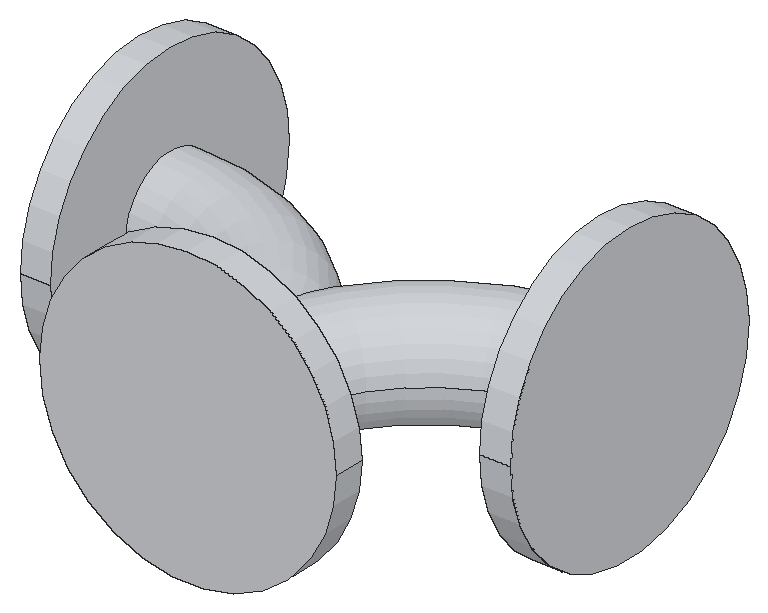
Revit family "M_Cotovelo de ramificação dupla - Flange - GI - Classe 125", category Conexões de tubo, Revit 2019
Family settings
  Cota do conector redondo = Usar raio
  Tipo de parte = Tê
  Número OmniClass = 23.60.30.11.14
  Título OmniClass = Pipework Fittings
  ID de item do Seek = Elbow Double-Branch - Flanged - GI - Class 125-0000-CAN-ENU
  Com base no plano de trabalho = Não
  Sempre na vertical = Sim
  Corte com vazios quando carregada = Não
  Compartilhado = Não
Parameters (values of type "Padrão")
  Espessura da parede [instance] = size_lookup(Nome da tabela de pesquisa, "WThk", 0.04 * Diâmetro nominal + 7.938 mm, Diâmetro nominal)  # 7.9 mm
  Tamanho da marca de revisão [instance] = Diâmetro da flange * 0.4  # 43.2 mm
  Método de perda = Não definido
  Nome da tabela de pesquisa = "M_Elbow Double-Branch - Flanged - GI - Class 125"
  Comprimento 1 [instance] = if((Centro à face - Espessura do flange) - Diâmetro da flange / 2 > 0.298 mm, (Centro à face - Espessura do flange), Diâmetro da flange / 2 + 0.298 mm)  # 77.9 mm
  Raio externo da conexão [instance] = Diâmetro externo da conexão / 2  # 20.4 mm
  Diâmetro externo da conexão [instance] = Diâmetro interno da conexão + Espessura da parede * 2  # 40.8 mm
  Centro à face [instance] = size_lookup(Nome da tabela de pesquisa, "CtF", 0.68 * Diâmetro nominal + 95.647 mm, Diâmetro nominal)  # 89 mm
  Raio nominal [instance] = 12.5 mm
  Diâmetro nominal [instance] = Raio nominal * 2  # 25 mm
  Espessura do flange [instance] = size_lookup(Nome da tabela de pesquisa, "FThk", 0.05 * Diâmetro nominal + 15.974 mm, Diâmetro nominal)  # 11.1 mm
  Raio da flange [instance] = Diâmetro da flange / 2  # 54 mm
  Diâmetro da flange [instance] = size_lookup(Nome da tabela de pesquisa, "FDia", 1.19 * Diâmetro nominal + 100.806 mm, Diâmetro nominal)  # 108 mm
  Diâmetro interno da conexão [instance] = size_lookup(Nome da tabela de pesquisa, "FID", 1.02 * Diâmetro nominal - 1.091 mm, Diâmetro nominal)  # 25 mm
Reference planes
  plane 1 "Centro (Frente/Trás)": y = 0
  plane 2: z = 0
  plane 3 "Centro (Esquerda/Direita)": x = 0
  plane 4: x = 77.9
  plane 5: x = -77.9
  plane 6: y = -77.9
  plane 7: x = -89
  plane 8: x = 89
  plane 9: y = -89
  plane 10: y = 43.2
  plane 11: y = -43.2
  plane 12: x = -43.2
  plane 13: x = 43.2
Forms (mm)
  Sweep 1, solid, detail levels fine
    path in 3D
      loop
        arc (-77.9, 0, 0) -> (-22.816, -22.816, 0) -> (0, -77.9, 0) r 77.9
    profile origin (-22.816, -22.816, 0) x (0.707107, 0.707107, 0) y (0, 0, 1)
      loop
        circle (0, 0) r 20.4
  Sweep 2, solid, detail levels fine
    path in 3D
      loop
        arc (77.9, 0, 0) -> (22.816, -22.816, 0) -> (0, -77.9, 0) r 77.9
    profile origin (22.816, -22.816, 0) x (0.707107, -0.707107, 0) y (0, 0, 1)
      loop
        circle (0, 0) r 20.4
  Sweep 3, solid, detail levels fine
    path in 3D
      loop
        line (-89, 0, 0) -> (-77.9, 0, 0)
    profile origin (-83.45, 0, 0) x (0, 1, 0) y (0, 0, 1)
      loop
        circle (0, 0) r 54
  Sweep 4, solid, detail levels fine
    path in 3D
      loop
        line (77.9, 0, 0) -> (89, 0, 0)
    profile origin (83.45, 0, 0) x (0, 1, 0) y (0, 0, 1)
      loop
        circle (0, 0) r 54
  Sweep 5, solid, detail levels fine
    path in 3D
      loop
        line (0, -77.9, 0) -> (0, -89, 0)
    profile origin (0, -83.45, 0) x (1, 0, 0) y (0, 0, 1)
      loop
        circle (0, 0) r 54
Cuts and joins
  joined: Sweep 1, Sweep 3, Sweep 5
  joined: Sweep 2, Sweep 4
Lines and regions (mm)
  model lines, detail levels coarse+medium
    curve 1: arc (77.9, 0, 0) -> (22.816, -22.816, 0) -> (0, -77.9, 0) r 77.9
    curve 2: arc (-77.9, 0, 0) -> (-22.816, -22.816, 0) -> (0, -77.9, 0) r 77.9
    curve 3: line (-89, 0, 0) -> (-77.9, 0, 0)
    curve 4: line (77.9, 0, 0) -> (89, 0, 0)
    curve 5: line (0, -77.9, 0) -> (0, -89, 0)
    curve 14: line (-89, 43.2, 0) -> (-89, -43.2, 0)
    curve 15: line (89, 43.2, 0) -> (89, -43.2, 0)
    curve 16: line (-43.2, -89, 0) -> (43.2, -89, 0)
  sketch lines
    curve 6: arc (-77.9, 0, 0) -> (-22.816, -22.816, 0) -> (0, -77.9, 0) r 77.9
    curve 7: arc (77.9, 0, 0) -> (22.816, -22.816, 0) -> (0, -77.9, 0) r 77.9
    curve 8: line (-89, 0, 0) -> (-77.9, 0, 0)
    curve 9: line (77.9, 0, 0) -> (89, 0, 0)
    curve 10: line (0, -77.9, 0) -> (0, -89, 0)
  reference lines
    curve 11: line (-89, 0, 0) -> (-77.9, 0, 0)
    curve 12: line (77.9, 0, 0) -> (89, 0, 0)
    curve 13: line (0, -77.9, 0) -> (0, -89, 0)
Dimensions and locks
  "Comprimento 1": plane 3 "Centro (Esquerda/Direita)" to plane 4
  "Comprimento 1": plane 5 to plane 3 "Centro (Esquerda/Direita)"
  "Comprimento 1": plane 1 "Centro (Frente/Trás)" to plane 6
  "Espessura do flange": plane 7 to plane 5
  "Espessura do flange": plane 4 to plane 8
  "Espessura do flange": plane 6 to plane 9
  "Tamanho da marca de revisão": plane 10 to plane 1 "Centro (Frente/Trás)"
  "Tamanho da marca de revisão": plane 1 "Centro (Frente/Trás)" to plane 11
  "Tamanho da marca de revisão": plane 12 to plane 3 "Centro (Esquerda/Direita)"
  "Tamanho da marca de revisão": plane 3 "Centro (Esquerda/Direita)" to plane 13
  "Comprimento 1": radius of curve 1
  "Comprimento 1": radius of curve 2
  "Raio externo da conexão": radius of Sweep 1 sketch curve
  "Raio externo da conexão": radius of Sweep 2 sketch curve
  "Raio da flange": radius of Sweep 3 sketch curve
  "Raio da flange": radius of Sweep 4 sketch curve
  "Raio da flange": radius of Sweep 5 sketch curve
  locked: curve 1 to curve 1 (angle 90.00°)
  locked: curve 2 to curve 2 (angle 90.00°)
  aligned and locked: plane 6 to curve 1
  aligned and locked: plane 7 to curve 3
  aligned and locked: plane 1 "Centro (Frente/Trás)" to curve 3
  aligned and locked: plane 8 to curve 4
  aligned and locked: plane 1 "Centro (Frente/Trás)" to curve 4
  aligned and locked: plane 9 to curve 5
  aligned and locked: curve 5 to plane 3 "Centro (Esquerda/Direita)"
  aligned and locked: plane 7 to curve 11
  aligned and locked: plane 1 "Centro (Frente/Trás)" to curve 11
  aligned and locked: plane 8 to curve 12
  aligned and locked: plane 1 "Centro (Frente/Trás)" to curve 12
  aligned and locked: plane 9 to curve 13
  aligned and locked: curve 13 to plane 3 "Centro (Esquerda/Direita)"
  aligned and locked: plane 10 to curve 14
  aligned and locked: plane 11 to curve 14
  aligned and locked: curve 14 to plane 7
  aligned and locked: plane 10 to curve 15
  aligned and locked: plane 11 to curve 15
  aligned and locked: plane 8 to curve 15
  aligned and locked: plane 13 to curve 16
  aligned and locked: plane 12 to curve 16
  aligned and locked: curve 16 to plane 9
Automatic sketch dimensions
  Sweep 1 sketch curve to profile plane = 0 mm  (x2)
  Sweep 2 sketch curve to profile plane = 0 mm  (x2)
  Sweep 3 sketch curve to profile plane = 0 mm  (x2)
  Sweep 4 sketch curve to profile plane = 0 mm  (x2)
  Sweep 5 sketch curve to profile plane = 0 mm  (x2)
  curve 11 to plane 5 = 0 mm
  curve 12 to plane 4 = 0 mm
  curve 13 to plane 6 = 0 mm
Connectors
  piping at (-89, 0, 0), diameter 25, driven by "Raio nominal"
    settings: on Sweep 3, index 1, connector inside diameter 25 mm, connector length 0 mm, flow factor 0, pipe flow 0.0 L/s, pressure drop 0.0 Pa, fitting loss kfactor 0, connector angle 0.00°, fixture units 0, engagement length 0 mm, angle of deflection 0.00°, flow configuration 0, flow direction 0, fitting loss method 0, system type 28, joint type 0, gender type 0, connector reference index -1, connector utility 0, adjustable connector no, is connector primary yes, connector description ""
  piping at (89, 0, 0), diameter 25, driven by "Raio nominal"
    settings: on Sweep 4, index 2, connector inside diameter 25 mm, connector length 0 mm, flow factor 0, pipe flow 0.0 L/s, pressure drop 0.0 Pa, fitting loss kfactor 0, connector angle 0.00°, fixture units 0, engagement length 0 mm, angle of deflection 0.00°, flow configuration 0, flow direction 0, fitting loss method 0, system type 28, joint type 0, gender type 0, connector reference index -1, connector utility 0, adjustable connector no, is connector primary no, connector description ""
  piping at (0, -89, 0), diameter 25, driven by "Raio nominal"
    settings: on Sweep 5, index 3, connector inside diameter 25 mm, connector length 0 mm, flow factor 0, pipe flow 0.0 L/s, pressure drop 0.0 Pa, fitting loss kfactor 0, connector angle 0.00°, fixture units 0, engagement length 0 mm, angle of deflection 0.00°, flow configuration 0, flow direction 0, fitting loss method 0, system type 28, joint type 0, gender type 0, connector reference index -1, connector utility 0, adjustable connector no, is connector primary no, connector description ""
